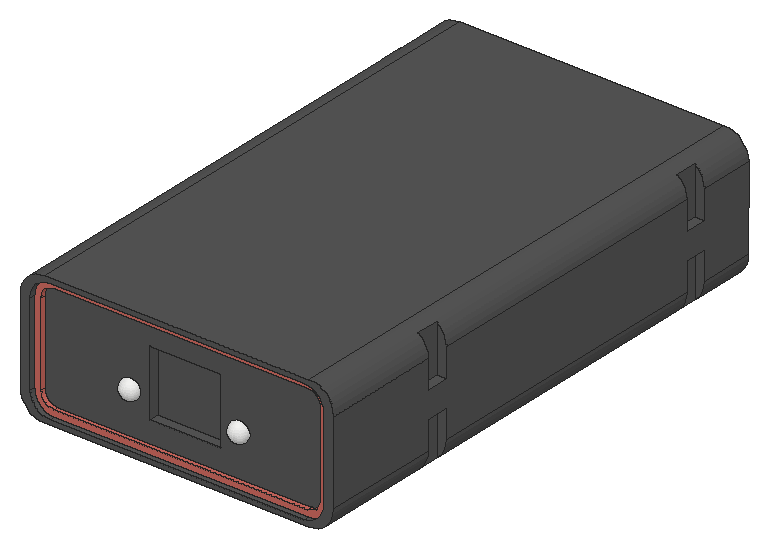
Revit family "Electronics_Expanders_Biamp_Tesira_AVB-USB-with-Bluetooth-Wireless-Technology_EX-UBT___", category Communication Devices, host Face, Revit 2020
Family settings
  Host = Face
  Maintain Annotation Orientation = No
  Round Connector Dimension = Use Diameter
  Part Type = Normal
  OmniClass Number = 23.85.10.11
  OmniClass Title = Audio Information, Sound Signals
  Cut with Voids When Loaded = No
  Shared = No
  Room Calculation Point = No
Parameters (values of type "EX-UBT")
  Wireless Range = "Up to 100 feet (30 m)\r"  # constant formula
  Width = 0' - 2 1/2"  # constant formula
  Weight = 0.20 lbf  # constant formula
  Voltage = 0 V
  USB Sample Rate = "48kHz"  # constant formula
  USB Number of Channels = "up to 8"  # constant formula
  USB Bit Depth = "16-bit / 24-bit"  # constant formula
  URL = "https://www.biamp.com/"
  Temperature Range = "32 - 104° F (0 - 40° C)\r"  # constant formula
  Receive Sensitivity = "-88 dBm 0.1% BER"  # constant formula
  Height = 0' - 1 1/16"  # constant formula
  Frequency Band = "2,402 to 2,480 MHz"  # constant formula
  Depth = 0' - 4 11/64"  # constant formula
  Compliance = "FCC Part 15B (USA) CE marked (Europe) UL and C-UL listed (USA and Canada) RoHS Directive (Europe)"  # constant formula
  Bluetooth Supported Codecs = "mSBC (16 kHz), SBC (48 kHz), AAC (48 kHz), aptX (48 kHz)"  # constant formula
  Product data url = "https://www.bimobject.com/biamp/product/tesira-ex-ubt_expander"
  Product Page URL = "https://www.biamp.com/products/tesira-expanders#tesira-ex-ubt"
  Product Documentation Link = "https://downloads.biamp.com/assets/docs/default-source/data-sheets/biamp_data_sheet_tesira_ex-ubt_may21.pdf"
  Power Factor = 1
  Number of Poles = 1
  Network Connection = "RJ-45 with Ethernet cable (Cat 5e and above)"  # constant formula
  Model = "Tesira EX-UBT"  # constant formula
  Max Power Consumption = 0 W
  Manufacturer = "Biamp"  # constant formula
  Indicators = "Power Indicator (Green/Red LED) Wireless Indicator (Blue/Red LED)"  # constant formula
  Humidity = "0-95% relative humidity (non-condensing)"  # constant formula
  Housing Material = Biamp - Plastic - Black
  Description = "Tesira® EX-UBT AVB/USB Expander with Bluetooth® Wireless Technology"  # constant formula
  Default Elevation = 4' - 0"
  Connector Description = "PoE (IEEE 802.3at Class 2, 7W)\r"  # constant formula
  Bluetooth Version = "4.2, Class 2"  # constant formula
  Bluetooth Supported Profiles = "Hands-Free Profile 1.7 (HFP) / Advanced Audio /  Distribution Profile 1.3 (A2DP)"  # constant formula
  Bluetooth Mode = "Bluetooth Classic"  # constant formula
  BLE = " 7.69 dBm (EIRP)"  # constant formula
  BER/EDR = " 6.43 dBm (EIRP)"  # constant formula
  Assembly Code = ""
  Apparent Load = Max Power Consumption / Power Factor  # 0 VA
  Altitude = "0-10,000 ft (0-3000m) MSL"  # constant formula
Reference planes (in)
  plane 1 "Center (Front/Back)": y = 0
  plane 2: z = 0
  plane 3 "Center (Left/Right)": x = 0
  plane 4: x = -1.25984
  plane 5: x = 1.25984
  plane 6: y = 2.08594
  plane 7: y = -2.08594
  plane 8 "1": y = 2.0072
  plane 9: y = -1.92913
  plane 10: y = -2.0072
  plane 11: z = 1.0625
  plane 12: z = 0.5315
  plane 13: y = 1.92846
  plane 14 "2": x = -0.43607
  plane 15: x = 0.44155
  plane 16 "3": z = 0
  plane 17: z = 1.02362
  plane 18: z = 0.03937
  plane 19: z = 0.79604
  plane 20: z = 0.26695
  plane 21: z = 0.76751
  plane 22: z = 0.29948
  plane 23: z = 0.63528
  plane 24: z = 0.42771
  plane 25: z = 0.35656
Forms (in)
  Extrusion 1, solid, material "Biamp - Plastic - Black" <- "Housing Material", detail levels fine
    sketch origin (0, 0, 0) x (1, 0, 0) y (0, 0, 1)
      loop
        arc (-1.06348, 1.0625) -> (-1.20233, 1.00499) -> (-1.25984, 0.86614) r 0.19636
        line (-1.25984, 0.86614) -> (-1.25984, 0.19685)
        arc (-1.25984, 0.19685) -> (-1.20219, 0.05766) -> (-1.06299, 0) r 0.19685
        line (-1.06299, 0) -> (1.06299, 0)
        arc (1.06299, 0) -> (1.20219, 0.05766) -> (1.25984, 0.19685) r 0.19685
        line (1.25984, 0.19685) -> (1.25984, 0.86565)
        arc (1.25984, 0.86565) -> (1.20219, 1.00484) -> (1.06299, 1.0625) r 0.19685
        line (1.06299, 1.0625) -> (-1.06348, 1.0625)
    from -2.08594 to 2.08594
  Extrusion 2, void
    sketch origin (0, 0.3937, 0) x (0, 1, 0) y (0, 0, 1)
      loop
        line (1.25113, 1.0625) -> (1.07035, 1.0625) -> (1.07035, 0.63528) -> (1.25113, 0.63528) -> (1.25113, 1.0625)
      loop
        line (1.25113, 0.42771) -> (1.07035, 0.42771) -> (1.07035, 0) -> (1.25113, 0) -> (1.25113, 0.42771)
    from 1.1811 to 1.25984
  Extrusion 3, void
    sketch origin (0, 0, 0) x (0, 1, 0) y (0, 0, 1)
      loop
        line (-0.94996, 1.0625) -> (-1.13665, 1.0625) -> (-1.13665, 0.63528) -> (-0.94996, 0.63528) -> (-0.94996, 1.0625)
      loop
        line (-0.94996, 0.42771) -> (-1.13665, 0.42771) -> (-1.13665, 0) -> (-0.94996, 0) -> (-0.94996, 0.42771)
    from 1.1811 to 1.25984
  Extrusion 4, void
    sketch origin (0, 0, 0) x (0, 1, 0) y (0, 0, 1)
      loop
        line (-1.13665, 1.0625) -> (-1.13665, 0.63528) -> (-0.94996, 0.63528) -> (-0.94996, 1.0625) -> (-1.13665, 1.0625)
      loop
        line (-1.13665, 0.42771) -> (-1.13665, 0) -> (-0.94996, 0) -> (-0.94996, 0.42771) -> (-1.13665, 0.42771)
      loop
        line (1.46405, 1.0625) -> (1.46405, 0.63528) -> (1.64483, 0.63528) -> (1.64483, 1.0625) -> (1.46405, 1.0625)
      loop
        line (1.46405, 0.42771) -> (1.46405, 0) -> (1.64483, 0) -> (1.64483, 0.42771) -> (1.46405, 0.42771)
    from -1.25984 to -1.1811
  Extrusion 5, void
    sketch origin (0, 0, 0) x (1, 0, 0) y (0, 0, 1)
      loop
        arc (-1.02362, 1.02362) -> (-1.13498, 0.9775) -> (-1.1811, 0.86614) r 0.15748
        line (-1.1811, 0.86614) -> (-1.1811, 0.19685)
        arc (-1.1811, 0.19685) -> (-1.13498, 0.08549) -> (-1.02362, 0.03937) r 0.15748
        line (-1.02362, 0.03937) -> (1.02362, 0.03937)
        arc (1.02362, 0.03937) -> (1.13498, 0.08549) -> (1.1811, 0.19685) r 0.15748
        line (1.1811, 0.19685) -> (1.1811, 0.86614)
        arc (1.1811, 0.86614) -> (1.13498, 0.9775) -> (1.02362, 1.02362) r 0.15748
        line (1.02362, 1.02362) -> (-1.02362, 1.02362)
    from 2.0072 to 2.08594
  Extrusion 6, void
    sketch origin (0, 0, 0) x (1, 0, 0) y (0, 0, 1)
      loop
        line (-0.27964, 0.79604) -> (-0.27964, 0.26695) -> (0.28928, 0.26695) -> (0.28928, 0.79604) -> (-0.27964, 0.79604)
    from 1.92913 to 2.0072
  Extrusion 7, void
    sketch origin (0, 0, 0) x (1, 0, 0) y (0, 0, 1)
      loop
        line (1.02362, 1.02362) -> (-1.02362, 1.02362)
        arc (-1.02362, 1.02362) -> (-1.13498, 0.9775) -> (-1.1811, 0.86614) r 0.15748
        line (-1.1811, 0.86614) -> (-1.1811, 0.19685)
        arc (-1.1811, 0.19685) -> (-1.13498, 0.08549) -> (-1.02362, 0.03937) r 0.15748
        line (-1.02362, 0.03937) -> (1.02362, 0.03937)
        arc (1.02362, 0.03937) -> (1.13498, 0.08549) -> (1.1811, 0.19685) r 0.15748
        line (1.1811, 0.19685) -> (1.1811, 0.86614)
        arc (1.1811, 0.86614) -> (1.13498, 0.9775) -> (1.02362, 1.02362) r 0.15748
    from -2.08594 to -2.0072
  Extrusion 8, void
    sketch origin (0, 0, 0) x (1, 0, 0) y (0, 0, 1)
      loop
        line (0.31594, 0.76751) -> (-0.31594, 0.76751) -> (-0.31594, 0.29948) -> (0.31594, 0.29948) -> (0.31594, 0.76751)
    from -2.0072 to -1.92846
  Extrusion 9, solid, material "Biamp - Plastic - Black" <- "Housing Material", detail levels coarse
    sketch origin (0, 0, 0) x (1, 0, 0) y (0, 0, 1)
      loop
        line (-1.25984, 1.0625) -> (-1.25984, 0) -> (1.25984, 0) -> (1.25984, 1.0625) -> (-1.25984, 1.0625)
    from -2.08594 to 2.08594
  Extrusion 10, solid, material "Biamp - Plastic - Black" <- "Housing Material", detail levels medium
    sketch origin (0, 0, 0) x (1, 0, 0) y (0, 0, 1)
      loop
        line (1.06299, 1.0625) -> (-1.06299, 1.0625)
        arc (-1.06299, 1.0625) -> (-1.20219, 1.00484) -> (-1.25984, 0.86565) r 0.19685
        line (-1.25984, 0.86565) -> (-1.25984, 0.19685)
        arc (-1.25984, 0.19685) -> (-1.20219, 0.05766) -> (-1.06299, 0) r 0.19685
        line (-1.06299, 0) -> (1.06299, 0)
        arc (1.06299, 0) -> (1.20219, 0.05766) -> (1.25984, 0.19685) r 0.19685
        line (1.25984, 0.19685) -> (1.25984, 0.86565)
        arc (1.25984, 0.86565) -> (1.20219, 1.00484) -> (1.06299, 1.0625) r 0.19685
    from -2.08594 to 2.08594
  Revolve 11, solid, material "Biamp - Plastic - White", detail levels fine
    sketch origin (0.44155, 0, 0) x (0, 0, 1) y (0, -1, 0)
      loop
        arc (0.51404, 2.0072) -> (0.4353, 2.08594) -> (0.35656, 2.0072) r 0.07874
        line (0.35656, 2.0072) -> (0.51404, 2.0072)
      axis (0.35656, 2.0072) -> (0.51404, 2.0072)
    angle from 270 to 450
  Revolve 12, solid, material "Biamp - Plastic - White", detail levels fine
    sketch origin (-0.43607, 0, 0) x (0, 0, 1) y (0, -1, 0)
      loop
        arc (0.51404, 2.0072) -> (0.4353, 2.08594) -> (0.35656, 2.0072) r 0.07874
        line (0.35656, 2.0072) -> (0.51404, 2.0072)
      axis (0.35656, 2.0072) -> (0.51404, 2.0072)
    angle from 270 to 450
  Extrusion 13, solid, material "Biamp - Plastic - Red", detail levels medium+fine
    sketch origin (0, -2.0072, 0) x (1, 0, 0) y (0, 0, 1)
      loop
        line (-1.1811, 0.86614) -> (-1.1811, 0.19685)
        arc (-1.1811, 0.19685) -> (-1.13498, 0.08549) -> (-1.02362, 0.03937) r 0.15748
        line (-1.02362, 0.03937) -> (1.02362, 0.03937)
        arc (1.02362, 0.03937) -> (1.13498, 0.08549) -> (1.1811, 0.19685) r 0.15748
        line (1.1811, 0.19685) -> (1.1811, 0.86614)
        arc (1.1811, 0.86614) -> (1.13498, 0.9775) -> (1.02362, 1.02362) r 0.15748
        line (1.02362, 1.02362) -> (-1.02362, 1.02362)
        arc (-1.02362, 1.02362) -> (-1.13498, 0.9775) -> (-1.1811, 0.86614) r 0.15748
      loop
        line (-1.12647, 0.8653) -> (-1.12647, 0.19694)
        arc (-1.12647, 0.19694) -> (-1.09637, 0.12427) -> (-1.0237, 0.09417) r 0.10277
        line (-1.0237, 0.09417) -> (1.02335, 0.09417)
        arc (1.02335, 0.09417) -> (1.09586, 0.1242) -> (1.1259, 0.19671) r 0.10254
        line (1.1259, 0.19671) -> (1.1259, 0.86078)
        arc (1.1259, 0.86078) -> (1.09438, 0.93686) -> (1.01831, 0.96837) r 0.10759
        line (1.01831, 0.96837) -> (-1.0234, 0.96837)
        arc (-1.0234, 0.96837) -> (-1.09629, 0.93818) -> (-1.12647, 0.8653) r 0.10307
    from 0 to 0.03638
  Extrusion 14, solid, material "Biamp - Plastic - Red", detail levels medium+fine
    sketch origin (0, 2.0072, 0) x (-1, 0, 0) y (0, 0, 1)
      loop
        arc (-1.1259, 0.19671) -> (-1.09586, 0.1242) -> (-1.02335, 0.09417) r 0.10254
        line (-1.02335, 0.09417) -> (1.0237, 0.09417)
        arc (1.0237, 0.09417) -> (1.09637, 0.12427) -> (1.12647, 0.19694) r 0.10277
        line (1.12647, 0.19694) -> (1.12647, 0.8653)
        arc (1.12647, 0.8653) -> (1.09629, 0.93818) -> (1.0234, 0.96837) r 0.10307
        line (1.0234, 0.96837) -> (-1.01831, 0.96837)
        arc (-1.01831, 0.96837) -> (-1.09438, 0.93686) -> (-1.1259, 0.86078) r 0.10759
        line (-1.1259, 0.86078) -> (-1.1259, 0.19671)
      loop
        line (1.1811, 0.19685) -> (1.1811, 0.86614)
        arc (1.1811, 0.86614) -> (1.13498, 0.9775) -> (1.02362, 1.02362) r 0.15748
        line (1.02362, 1.02362) -> (-1.02362, 1.02362)
        arc (-1.02362, 1.02362) -> (-1.13498, 0.9775) -> (-1.1811, 0.86614) r 0.15748
        line (-1.1811, 0.86614) -> (-1.1811, 0.19685)
        arc (-1.1811, 0.19685) -> (-1.13498, 0.08549) -> (-1.02362, 0.03937) r 0.15748
        line (-1.02362, 0.03937) -> (1.02362, 0.03937)
        arc (1.02362, 0.03937) -> (1.13498, 0.08549) -> (1.1811, 0.19685) r 0.15748
    from 0 to 0.03516
Cuts and joins
  Extrusion 2, Extrusion 3, Extrusion 4, Extrusion 5, Extrusion 6, Extrusion 7, Extrusion 8 cuts Extrusion 1
Lines and regions (in)
  Masking region 1
    outline origin (0, 0, 0) x (1, 0, 0) y (0, 1, 0)
      loop
        line (1.25984, 2.08594) -> (-1.25984, 2.08594) -> (-1.25984, -2.08594) -> (1.25984, -2.08594) -> (1.25984, 2.08594)
  symbolic lines, detail levels fine
    curve 1: line (-1.25984, 1.64483, 0) -> (-1.1811, 1.64483, 0)
    curve 2: line (-1.1811, 1.64483, 0) -> (-1.1811, 1.46405, 0)
    curve 3: line (-1.1811, 1.46405, 0) -> (-1.25984, 1.46405, 0)
    curve 4: line (-1.25984, -0.94996, 0) -> (-1.1811, -0.94996, 0)
    curve 5: line (-1.1811, -0.94996, 0) -> (-1.1811, -1.13665, 0)
    curve 6: line (-1.1811, -1.13665, 0) -> (-1.25984, -1.13665, 0)
    curve 7: line (1.25984, -0.94996, 0) -> (1.1811, -0.94996, 0)
    curve 8: line (1.1811, -0.94996, 0) -> (1.1811, -1.13665, 0)
    curve 9: line (1.1811, -1.13665, 0) -> (1.25984, -1.13665, 0)
    curve 10: line (1.25984, 1.64483, 0) -> (1.1811, 1.64483, 0)
    curve 11: line (1.1811, 1.64483, 0) -> (1.1811, 1.46405, 0)
    curve 12: line (1.1811, 1.46405, 0) -> (1.25984, 1.46405, 0)
Dimensions and locks (in)
  equal spacing: plane 4, plane 3 "Center (Left/Right)", plane 5
  equal spacing: plane 6, plane 1 "Center (Front/Back)", plane 7
  "Depth": plane 6 to plane 7
  "Height": plane 11 to plane 16 "3"
  plane 10 to plane 7 = 0' - 0.07874"
  locked: plane 6 to plane 8 "1" at 0.07874
  locked: plane 8 "1" to plane 13 at 0.07874
  plane 16 "3" to level = 0' - 0"
  locked: plane 17 to plane 18 at 0.98425
  locked: plane 18 to plane 16 "3" at 0.03937
  locked: plane 21 to plane 22 at 0.46802
  locked: plane 19 to plane 20 at 0.52908
  locked: plane 20 to plane 16 "3" at 0.26695
  locked: plane 22 to plane 16 "3" at 0.29948
  locked: plane 24 to plane 16 "3" at 0.42771
  locked: plane 16 "3" to plane 23 at 0.63528
  locked: plane 25 to plane 16 "3" at 0.35656
  aligned and locked: plane 2 to host face
  aligned and locked: level to host face
  aligned and locked: Extrusion 1 sketch curve to plane 11
  aligned and locked: plane 4 to Extrusion 1 sketch curve
  aligned and locked: plane 5 to Extrusion 1 sketch curve
  aligned and locked: plane 6 to Extrusion 1
  aligned and locked: Extrusion 1 to plane 7
  aligned and locked: cut or joined group 1 (Extrusion 1, Extrusion 2, Extrusion 3, Extrusion 4, Extrusion 5, Extrusion 6, Extrusion 7, Extrusion 8) to plane 4
  aligned and locked: cut or joined group 1 to plane 5
  aligned and locked: Extrusion 5 to plane 7
  aligned and locked: plane 10 to cut or joined group 1  (x2)
  aligned and locked: plane 9 to cut or joined group 1
  aligned and locked: plane 6 to Extrusion 7
  aligned and locked: Extrusion 7 to plane 8 "1"
  aligned and locked: cut or joined group 1 to plane 10
  aligned and locked: plane 8 "1" to Extrusion 8
  aligned and locked: cut or joined group 1 to plane 13
  aligned and locked: Extrusion 9 sketch curve to plane 11
  aligned and locked: plane 4 to Extrusion 9 sketch curve
  aligned and locked: plane 5 to Extrusion 9 sketch curve
  aligned and locked: plane 6 to Extrusion 9
  aligned and locked: Extrusion 9 to plane 7
  aligned and locked: cut or joined group 1 to plane 16 "3"  (x5)
  aligned and locked: plane 17 to cut or joined group 1
  aligned and locked: plane 18 to cut or joined group 1  (x2)
  aligned and locked: plane 22 to Extrusion 8
  aligned and locked: plane 21 to Extrusion 8
  aligned and locked: plane 19 to Extrusion 6
  aligned and locked: plane 20 to Extrusion 6
  aligned and locked: plane 24 to cut or joined group 1  (x4)
  aligned and locked: plane 23 to cut or joined group 1  (x4)
  aligned and locked: Extrusion 9 sketch curve to plane 16 "3"
  aligned and locked: plane 11 to Extrusion 10 sketch curve
  aligned and locked: Extrusion 10 sketch curve to plane 16 "3"
  aligned and locked: Extrusion 10 sketch curve to plane 5
  aligned and locked: Extrusion 10 sketch curve to plane 4
  aligned and locked: Extrusion 10 to plane 7
  aligned and locked: plane 6 to Extrusion 10
Automatic sketch dimensions
  host sketch curve to host sketch curve = 8' - 0"  (x2)
  Extrusion 1 sketch curve to level = 0' - 0"
  plane 19 to Extrusion 1 sketch curve = 0' - 0.0701"
  plane 20 to Extrusion 1 sketch curve = 0' - 0.0701"
  Extrusion 2 sketch curve to level = 0' - 0"
  Extrusion 2 sketch curve to plane 11 = 0' - 0"
  Extrusion 2 sketch curve to plane 24 = 0' - 0"
  plane 23 to Extrusion 2 sketch curve = 0' - 0"
  Extrusion 2 sketch curve to plane 13 = 0' - 0.4644"  (x2)
  Extrusion 2 sketch curve to Extrusion 2 sketch curve = 0' - 0.18078"  (x2)
  Extrusion 3 sketch curve to level = 0' - 0"
  Extrusion 3 sketch curve to plane 11 = 0' - 0"
  Extrusion 3 sketch curve to plane 24 = 0' - 0"
  plane 23 to Extrusion 3 sketch curve = 0' - 0"
  plane 9 to Extrusion 3 sketch curve = 0' - 0.79248"
  Extrusion 3 sketch curve to Extrusion 3 sketch curve = 0' - 0"
  Extrusion 3 sketch curve to Extrusion 3 sketch curve = 0' - 0.18669"  (x2)
  Extrusion 4 sketch curve to plane 11 = 0' - 0"  (x2)
  Extrusion 4 sketch curve to level = 0' - 0"  (x2)
  plane 23 to Extrusion 4 sketch curve = 0' - 0"  (x2)
  Extrusion 4 sketch curve to plane 24 = 0' - 0"  (x2)
  plane 9 to Extrusion 4 sketch curve = 0' - 0.79248"
  Extrusion 4 sketch curve to Extrusion 4 sketch curve = 0' - 0"
  Extrusion 4 sketch curve to Extrusion 4 sketch curve = 0' - 0.18669"  (x2)
  Extrusion 4 sketch curve to plane 13 = 0' - 0.4644"  (x2)
  Extrusion 4 sketch curve to Extrusion 4 sketch curve = 0' - 0.18078"  (x2)
  Extrusion 5 sketch curve to plane 18 = 0' - 0"
  Extrusion 5 sketch curve to plane 17 = 0' - 0"
  plane 19 to Extrusion 5 sketch curve = 0' - 0.0701"  (x2)
  plane 20 to Extrusion 5 sketch curve = 0' - 0.0701"  (x2)
  Extrusion 6 sketch curve to plane 20 = 0' - 0"
  Extrusion 6 sketch curve to plane 19 = 0' - 0"
  Extrusion 6 sketch curve to plane 14 "2" = 0' - 0.15643"
  plane 15 to Extrusion 6 sketch curve = 0' - 0.15226"
  Extrusion 7 sketch curve to plane 18 = 0' - 0"
  Extrusion 7 sketch curve to plane 17 = 0' - 0"
  plane 20 to Extrusion 7 sketch curve = 0' - 0.0701"
  plane 19 to Extrusion 7 sketch curve = 0' - 0.0701"  (x2)
  Extrusion 8 sketch curve to plane 21 = 0' - 0"
  Extrusion 8 sketch curve to plane 22 = 0' - 0"
  Extrusion 8 sketch curve to plane 14 "2" = 0' - 0.12013"
  plane 15 to Extrusion 8 sketch curve = 0' - 0.12561"
  Revolve 11 sketch curve to plane 25 = 0' - 0"
  plane 24 to Revolve 11 sketch curve = 0' - 0.00759"
  plane 7 to Revolve 11 sketch curve = 0' - 0.07874"
  plane 25 to Revolve 11 sketch curve = 0' - 0.01969"
  Revolve 11 sketch curve to Revolve 11 sketch curve = 0' - 0.01969"
  Revolve 11 sketch curve to Revolve 11 sketch curve = 0' - 0"
  Revolve 12 sketch curve to plane 25 = 0' - 0"
  plane 24 to Revolve 12 sketch curve = 0' - 0.00759"
  plane 7 to Revolve 12 sketch curve = 0' - 0.07874"
  plane 25 to Revolve 12 sketch curve = 0' - 0.01969"
  Revolve 12 sketch curve to Revolve 12 sketch curve = 0' - 0.01969"
  Revolve 12 sketch curve to Revolve 12 sketch curve = 0' - 0"
  plane 4 to Extrusion 1 sketch curve = 0' - 0.19685"
  plane 4 to Extrusion 5 sketch curve = 0' - 0.23622"
  plane 4 to Extrusion 7 sketch curve = 0' - 0.23622"
  plane 4 to Extrusion 10 sketch curve = 0' - 0.19685"  (x2)
  plane 5 to Extrusion 1 sketch curve = 0' - 0.19685"
  plane 5 to Extrusion 5 sketch curve = 0' - 0.23622"
  plane 5 to Extrusion 7 sketch curve = 0' - 0.23622"  (x2)
  plane 5 to Extrusion 10 sketch curve = 0' - 0.19685"  (x2)
  curve 1 to curve 1 = 0' - 0.07874"
  curve 6 to curve 6 = 0' - 0.07874"
  curve 9 to curve 9 = 0' - 0.07874"
  curve 11 to curve 10 = 0' - 0.07874"
  plane 9 to curve 6 = 0' - 0.79248"
  plane 9 to curve 9 = 0' - 0.79248"
  curve 8 to curve 7 = 0' - 0.18669"
  curve 5 to curve 5 = 0' - 0.18669"
  curve 3 to plane 13 = 0' - 0.4644"
  curve 2 to curve 2 = 0' - 0.18078"
  curve 11 to plane 13 = 0' - 0.28363"
  curve 11 to curve 10 = 0' - 0.18078"
  Extrusion 13 sketch curve to Extrusion 5 = 0' - 0.05463"
  Extrusion 13 sketch curve to Extrusion 5 = 0' - 0.0548"
  Extrusion 13 sketch curve to Extrusion 13 sketch curve = 0' - 0.10277"
  Extrusion 13 sketch curve to Extrusion 13 sketch curve = 0' - 0.00008"
  Extrusion 13 sketch curve to Extrusion 13 sketch curve = 0' - 0.00022"
  Extrusion 13 sketch curve to Extrusion 5 = 0' - 0.16279"
  Extrusion 13 sketch curve to Extrusion 13 sketch curve = 0' - 0.00027"
  Extrusion 13 sketch curve to Extrusion 13 sketch curve = 0' - 0.00531"
  Extrusion 13 sketch curve to Extrusion 5 = 0' - 0.05521"
  Extrusion 13 sketch curve to Extrusion 13 sketch curve = 0' - 0.00536"
  Extrusion 13 sketch curve to Extrusion 13 sketch curve = 0' - 0.00084"
  Extrusion 14 sketch curve to Extrusion 7 = 0' - 0.05521"
  Extrusion 14 sketch curve to Extrusion 14 sketch curve = 0' - 0.10254"
  Extrusion 14 sketch curve to Extrusion 7 = 0' - 0.15734"
  Extrusion 14 sketch curve to Extrusion 14 sketch curve = 0' - 0.10759"
  Extrusion 14 sketch curve to Extrusion 7 = 0' - 0.1577"
  Extrusion 14 sketch curve to Extrusion 14 sketch curve = 0' - 0.10307"
  Extrusion 14 sketch curve to Extrusion 14 sketch curve = 0' - 0.10277"
  Extrusion 14 sketch curve to Extrusion 14 sketch curve = 0' - 0.00084"
  Extrusion 14 sketch curve to Extrusion 14 sketch curve = 0' - 0.00027"
  Extrusion 14 sketch curve to Extrusion 7 = 0' - 0"  (x2)
  Extrusion 14 sketch curve to Extrusion 14 sketch curve = 0' - 0.00536"
  Extrusion 14 sketch curve to Extrusion 14 sketch curve = 0' - 0.00022"
  curve 6 to plane 4 = 0' - 0"
  curve 3 to plane 4 = 0' - 0"
  curve 1 to plane 4 = 0' - 0"
  curve 4 to plane 4 = 0' - 0"
  curve 9 to plane 5 = 0' - 0"
  curve 7 to plane 5 = 0' - 0"
  curve 12 to plane 5 = 0' - 0"
  curve 10 to plane 5 = 0' - 0"
  Masking region 1 sketch curve to plane 4 = 0' - 0"
  Masking region 1 sketch curve to plane 7 = 0' - 0"
  Masking region 1 sketch curve to plane 6 = 0' - 0"
  Masking region 1 sketch curve to plane 5 = 0' - 0"
  radius of Extrusion 13 sketch curve to Extrusion 5 = 0' - 0"  (x2)
  radius of Extrusion 14 sketch curve to Extrusion 7 = 0' - 0"
Connectors (in)
  electrical at (0, 1.92846, 0.5335), driven by "Connector Description", driven by "Power Factor", driven by "Apparent Load", driven by "Voltage", driven by "Number of Poles"
    settings: on cut or joined group 1, index 1, voltage 0 V, apparent load 0 VA, apparent load phase1 0 VA, apparent load phase2 0 VA, apparent load phase3 0 VA, power factor 1, load classification "Other", number of poles 1, system type 31, power factor state 1, is connector primary no, connector utility no, sub classification motor no, connector description "PoE (IEEE 802.3at Class 2, 7W)\r"
  electrical at (0.00482, -2.0072, 0.5315)
    settings: on cut or joined group 1, index 2, voltage 0 V, apparent load 0 VA, apparent load phase1 0 VA, apparent load phase2 0 VA, apparent load phase3 0 VA, power factor 1, load classification "Other", number of poles 1, system type 5, power factor state 1, is connector primary yes, connector utility no, sub classification motor no, connector description "USB"
